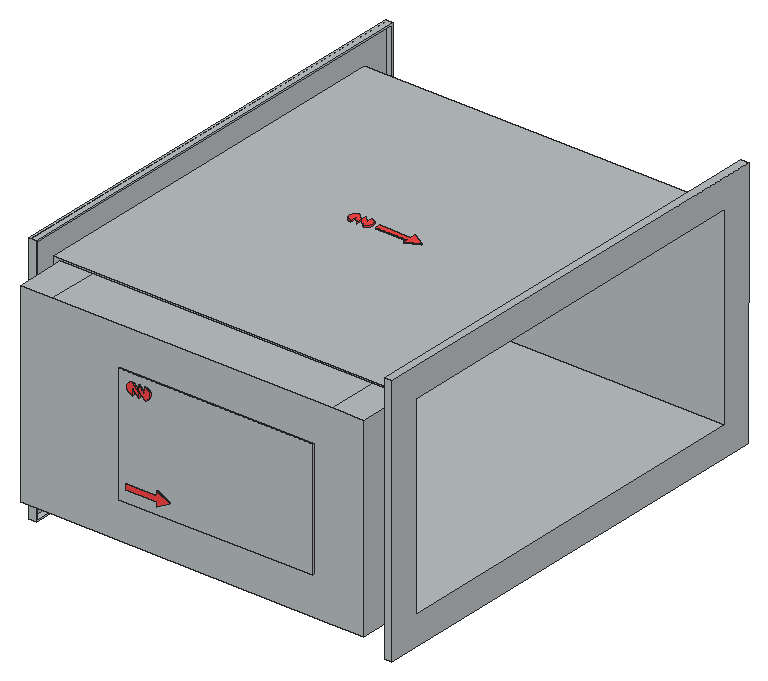
Revit family "NLRS_57_DUA_UN_rectangular-constant-volume-damper-vcmr_sacs", category Duct Accessories, Revit 2019
Family settings
  Round Connector Dimension = Use Diameter
  Part Type = Breaks Into
  Work Plane-Based = No
  Always vertical = No
  Cut with Voids When Loaded = No
  Shared = No
Parameters (values of type "Enkelwandig (SO)")
  SACS_Warning_Text_Size [instance] = if(SACS_Warning_Size, "Invalid duct size. Nearest (larger) size selected", " ")  # " "
  SACS_Warning_Text_Ploss [instance] = if(SACS_Warning_Ploss, "Defined ▲P below required value", " ")  # " "
  SACS_Warning_Text_Flow [instance] = if(SACS_Warning_Flow, "Airflow below advised 4m/s", " ")  # "Airflow below advised 4m/s"
  SACS_Warning_Size [instance] = or(not(SACS_Duct_Width = NLRS_M_c01_breedte), not(SACS_Duct_Height = NLRS_M_c01_hoogte))  # no
  SACS_Warning_Sign [instance] = and(SACS_Air_Velocity > 0.0 m/s, not(SACS_Disable_Warning), or(SACS_Warning_Ploss, SACS_Warning_Flow, SACS_Warning_Size))  # no
  SACS_Warning_Ploss [instance] = Minimal required ▲P over damper > NLRS_M_c01_drukverlies_statisch  # no
  SACS_Warning_Flow [instance] = SACS_Air_Velocity < Advised minimal air velocity  # yes
  SACS_Show_Control [instance] = SACS_Index1 > 0.00 mm  # no
  SACS_Gross_Cost [instance] = size_lookup(Product_Data, "Product_Cost", 0, SACS_Index1, SACS_Index2, SACS_Duct_Width, SACS_Duct_Height)  # 243
  SACS_Disable_Warning [instance] = no
  Product_Data = "VCMR_Data"  # constant formula
  URL = "https://solid-air.nl/pcategorie/volumeregelaar/"
  Show_recommended_placement_zone [instance] = yes
  SACS_Z_Offset = if(SACS_Index2 = 1.00 mm, 40.00 mm, 1.00 mm)  # 1.00 mm
  SACS_Type_Toggle = SACS_Index2 = 1.00 mm  # no
  SACS_Real_Width [instance] = SACS_Duct_Width / 2  # 200.00 mm
  SACS_Real_Height [instance] = SACS_Duct_Height / 2  # 100.00 mm
  SACS_Price_Date [instance] = size_lookup(Product_Data, "Date", "NB", SACS_Index1, SACS_Index2, SACS_Duct_Width, SACS_Duct_Height)  # "01-02-2022"
  SACS_Option_2 [instance] = if(SACS_Index2 = 1.00 mm, "Double wall", "Single wall")  # "Single wall"
  SACS_Option_1 [instance] = if([Control type (0-2)] < 1, "Manual", if([Control type (0-2)] = 1, "24 volt, 2positions", "230 volt, 2positions"))  # "Manual"
  SACS_Model [instance] = size_lookup(Product_Data, "Model", "NB", SACS_Index1, SACS_Index2, SACS_Duct_Width, SACS_Duct_Height)  # "VCMROO 400x200"
  SACS_Length_X2 [instance] = 2 * SACS_Duct_Height  # 400.00 mm
  SACS_Length_X [instance] = 4 * SACS_Duct_Height  # 800.00 mm
  SACS_Index2 = 0.00 mm
  SACS_Index1 [instance] = if([Control type (0-2)] < 1, 0.00 mm, if([Control type (0-2)] = 1, 1.00 mm, 2.00 mm))  # 0.00 mm
  SACS_Duct_Width [instance] = if(and(SACS_Duct_Height < 200.00 mm, NLRS_M_c01_breedte > 300.00 mm), 300.00 mm, if(and(SACS_Duct_Height > 200.00 mm, NLRS_M_c01_breedte < 300.00 mm), 300.00 mm, if(NLRS_M_c01_breedte < 200.00 mm, 200.00 mm, if(NLRS_M_c01_breedte > 600.00 mm, 600.00 mm, (roundup(NLRS_M_c01_breedte / 100.00 mm) * 100.00 mm)))))  # 400.00 mm
  SACS_Duct_Height [instance] = if(NLRS_M_c01_hoogte > 250.00 mm, 300.00 mm, if(NLRS_M_c01_hoogte > 200.00 mm, 250.00 mm, if(NLRS_M_c01_hoogte > 150.00 mm, 200.00 mm, if(NLRS_M_c01_hoogte > 100.00 mm, 150.00 mm, 100.00 mm))))  # 200.00 mm
  SACS_Article_Code [instance] = size_lookup(Product_Data, "", "NB", SACS_Index1, SACS_Index2, SACS_Duct_Width, SACS_Duct_Height)  # "9200000081"
  SACS_Air_Velocity [instance] = NLRS_M_c01_debiet / (SACS_Real_Width * SACS_Real_Height * 4)  # 0.0 m/s
  NLRS_M_c01_hoogte [instance] = 200.00 mm
  Minimal required ▲P over damper [instance] = if(SACS_Air_Velocity < 8.0 m/s, 50.0 Pa, if(SACS_Air_Velocity < 10.0 m/s, 75.0 Pa, 100.0 Pa))  # 50.0 Pa
  SACS_Type_Mark [instance] = ""
  NLRS_M_c01_drukverlies_statisch [instance] = 50.0 Pa
  NLRS_M_c01_breedte [instance] = 400.00 mm
  LoadBearing = 1 = 0  # no
  IfcExportType = "CONTROLDAMPER"  # constant formula
  IfcExportAs = "IfcDamperType"  # constant formula
  IfcDescription = Description  # "Rectangular Volume Damper VCMR"
  FireRating = "0h"  # constant formula
  built-in parameter 1114242 [instance] = (empty or 0)
  Type Comments = "Check flow direction!"  # constant formula
  SACS_Dummy = 1  # constant formula
  SACS_Air_Flow [instance] = 0.0 m³/h
  NLRS_M_c01_debiet [instance] = abs(SACS_Air_Flow) * SACS_Dummy  # 0.0 m³/h
  NLRS_C_lengte [instance] = size_lookup(Product_Data, "Lengte", 300.00 mm, SACS_Index1, SACS_Index2, SACS_Duct_Width, SACS_Duct_Height)  # 375.00 mm
  Control type (0-2) [instance] = 0
  NLRS_C_niveau ontwikkeling = "LOD400"  # constant formula
  NLRS_C_model [instance] = SACS_Model  # "VCMROO 400x200"
  NLRS_C_description = Description  # "Rectangular Volume Damper VCMR"
  NLRS_C_content_versie = "Versie 3.19.00"  # constant formula
  NLRS_C_content_provider = "Solid Air Climate Systems"  # constant formula
  NLRS_C_content_datum_uitgifte = "02-05-2022"  # constant formula
  NLRS_C_content_creator = "J. Feeke"  # constant formula
  Model = "Constant volume damper - Rectangular"  # constant formula
  Manufacturer = "Solid Air Climate Solutions"  # constant formula
  Description = "Rectangular Volume Damper VCMR"  # constant formula
  Assembly Code = "57.00"
  Advised minimal air velocity [instance] = 4.0 m/s * SACS_Dummy  # 4.0 m/s
Types (3, lengths in mm): name | SACS_Show_Control | SACS_Gross_Cost | SACS_Disable_Warning | SACS_Z_Offset | SACS_Type_Toggle | SACS_Option_2 | SACS_Option_1 | SACS_Model | SACS_Index2 | SACS_Index1 | SACS_Article_Code | Control type (0-2) | NLRS_C_model
  (no name) | no | 243 | no | 1.00 | no | "Single wall" | "Manual" | "VCMROO 400x200" | 0.00 | 0.00 | "9200000081" | 0 | "VCMROO 400x200"
  Dubbelwandig  (SD) | yes | 590 | yes | 40.00 | yes | "Double wall" | "24 volt, 2positions" | "VCMRMD 400x200 LM24A" | 1.00 | 1.00 | "9200000727" | 1 | "VCMRMD 400x200 LM24A"
  Enkelwandig (SO) | no | 243 | no | 1.00 | no | "Single wall" | "Manual" | "VCMROO 400x200" | 0.00 | 0.00 | "9200000081" | 0 | "VCMROO 400x200"
Reference planes
  plane 1 "Center (Front/Back)": y = 0
  plane 2: z = 0
  plane 3 "Center (Left/Right)": x = 0
  plane 4 "Left": x = -187.5
  plane 5 "Back": y = 200
  plane 6 "Front": y = -200
  plane 7 "Top": z = 100
  plane 8 "Bottom": z = -100
  plane 9 "Back_Double_Wall": y = 245
  plane 10 "Front_Double_Wall": y = -245
  plane 11 "Top_Double_Wall": z = 101
  plane 12 "Bottom_Double_Wall": z = -101
  plane 13 "Double_Wall_Left": x = -177.5
  plane 14 "As": x = -87.5
  plane 15: x = -987.5
  plane 16 "Double_Wall_Right": x = 177.5
  plane 17: x = 587.5
  plane 18 "Right": x = 187.5
  plane 19: x = -438.054
Forms (mm)
  Extrusion 1, solid, not visible
    sketch origin (0, 0, 0) x (0, 1, 0) y (0, 0, 1)
      loop
        circle (0, 0) r 5
    from -187.5 to 187.5
  Sweep 2, solid, material "NLRS_A_SACS_SVZ", detail levels medium+fine
    path in 3D
      loop
        line (-187.5, -200, 100) -> (-187.5, -200, -100) -> (-187.5, 200, -100) -> (-187.5, 200, 100) -> (-187.5, -200, 100)
    profile "casing : Kanaal" origin (-187.5, 0, 100) x (0, 0, -1) y (1, 0, 0)
      loop
        line (0, 375) -> (-30, 375) -> (-30, 367.5) -> (-29, 367.5) -> (-29, 374) -> (-1, 374) -> (-1, 1) -> (-29, 1) -> (-29, 7.5) -> (-30, 7.5) -> (-30, 0) -> (0, 0) -> (0, 375)
  Sweep 3, solid, material "NLRS_A_SACS_SVZ", visible <- "SACS_Type_Toggle"
    path in 3D
      loop
        line (-177.5, -245, 101) -> (-177.5, -245, -101) -> (-177.5, 245, -101) -> (-177.5, 245, 101) -> (-177.5, -245, 101)
    profile origin (-177.5, 0, 101) x (0, 0, -1) y (1, 0, 0)
      loop
        line (39, 0) -> (39, 1) -> (1, 1) -> (1, 354) -> (39, 354) -> (39, 355) -> (0, 355) -> (0, 0) -> (39, 0)
  Extrusion 4, solid, material "NLRS_A_SACS_SVZ", detail levels medium+fine
    sketch origin (0, 0, 0) x (1, 0, 0) y (0, 1, 0)
      loop
        line (-187.5, 200) -> (-187.5, -200) -> (12.5, -200) -> (12.5, 200) -> (-187.5, 200)
    from -0.5 to 0.5
  Extrusion 5, solid, material "NLRS_A_SACS_SVZ", detail levels medium+fine
    sketch origin (0, 0, 0) x (1, 0, 0) y (0, 0, 1)
      loop
        circle (-87.5, 0) r 5
    from -205 to 205
  Extrusion 6, solid, material "SACS_Label", detail levels medium+fine
    sketch origin (710.763, 0, 101) x (0, 1, 0) y (-1, 0, 0)
      loop
        arc (6, 745.244) -> (0, 751.244) -> (-6, 745.244) r 6
        line (-6, 745.244) -> (0, 745.244) -> (-6, 739.244) -> (0, 739.244) -> (6, 745.244)
    from 0 to 1
  Extrusion 7, solid, material "SACS_Label", detail levels medium+fine
    sketch origin (710.763, 0, 101) x (0, 1, 0) y (-1, 0, 0)
      loop
        arc (-6, 733.244) -> (0, 727.244) -> (6, 733.244) r 6
        line (6, 733.244) -> (0, 733.244) -> (6, 739.244) -> (0, 739.244) -> (-6, 733.244)
    from 0 to 1
  Extrusion 8, solid, material "SACS_Label", detail levels medium+fine
    sketch origin (710.763, 0, 101) x (0, 1, 0) y (-1, 0, 0)
      loop
        line (-2.5, 721.699) -> (-2.5, 689.664) -> (-7.5, 689.664) -> (0, 676.673) -> (7.5, 689.664) -> (2.5, 689.664) -> (2.5, 721.699) -> (-2.5, 721.699)
    from 1 to 0
  Extrusion 9, solid, material "SACS_Label", not visible, detail levels medium+fine
    sketch origin (21.946, 0, -190) x (0, 1, 0) y (-1, 0, 0)
      loop
        arc (6, 494.481) -> (0, 500.481) -> (-6, 494.481) r 6
        line (-6, 494.481) -> (0, 494.481) -> (-6, 488.481) -> (0, 488.481) -> (6, 494.481)
    from 0 to 1
  Extrusion 10, solid, material "SACS_Label", not visible, detail levels medium+fine
    sketch origin (21.946, 0, -190) x (0, 1, 0) y (-1, 0, 0)
      loop
        arc (-6, 482.481) -> (0, 476.481) -> (6, 482.481) r 6
        line (6, 482.481) -> (0, 482.481) -> (6, 488.481) -> (0, 488.481) -> (-6, 482.481)
    from 0 to 1
  Extrusion 11, solid, material "SACS_Label", not visible, detail levels medium+fine
    sketch origin (21.946, 0, -190) x (0, 1, 0) y (-1, 0, 0)
      loop
        line (-2.5, 470.936) -> (-2.5, 438.901) -> (-7.5, 438.901) -> (0, 425.911) -> (7.5, 438.901) -> (2.5, 438.901) -> (2.5, 470.936) -> (-2.5, 470.936)
    from 1 to 0
  Extrusion 12, solid, material "SACS_Label", detail levels medium+fine
    sketch origin (460, 0, -101) x (0, 1, 0) y (-1, 0, 0)
      loop
        arc (6, 494.481) -> (0, 500.481) -> (-6, 494.481) r 6
        line (-6, 494.481) -> (0, 494.481) -> (-6, 488.481) -> (0, 488.481) -> (6, 494.481)
    from -1 to 0
  Extrusion 13, solid, material "SACS_Label", detail levels medium+fine
    sketch origin (460, 0, -101) x (0, 1, 0) y (-1, 0, 0)
      loop
        arc (-6, 482.481) -> (0, 476.481) -> (6, 482.481) r 6
        line (6, 482.481) -> (0, 482.481) -> (6, 488.481) -> (0, 488.481) -> (-6, 482.481)
    from -1 to 0
  Extrusion 14, solid, material "SACS_Label", detail levels medium+fine
    sketch origin (460, 0, -101) x (0, 1, 0) y (-1, 0, 0)
      loop
        line (-2.5, 470.936) -> (-2.5, 438.901) -> (-7.5, 438.901) -> (0, 425.911) -> (7.5, 438.901) -> (2.5, 438.901) -> (2.5, 470.936) -> (-2.5, 470.936)
    from -1 to 0
Lines and regions (mm)
  model lines, detail levels coarse
    curve 1: line (-187.5, 0, 0) -> (187.5, 0, 0)
  model lines, not visible
    curve 2: line (-187.5, 200, 100) -> (-187.5, -200, 100)
    curve 3: line (-187.5, 200, -100) -> (-187.5, 200, 100)
    curve 4: line (-187.5, -200, -100) -> (-187.5, 200, -100)
    curve 5: line (-187.5, -200, 100) -> (-187.5, -200, -100)
    curve 10: line (-177.5, 245, 101) -> (-177.5, -245, 101)
    curve 11: line (-177.5, 245, -101) -> (-177.5, 245, 101)
    curve 12: line (-177.5, -245, -101) -> (-177.5, 245, -101)
    curve 13: line (-177.5, -245, 101) -> (-177.5, -245, -101)
  sketch lines
    curve 6: line (-187.5, 200, 100) -> (-187.5, -200, 100)
    curve 7: line (-187.5, -200, 100) -> (-187.5, -200, -100)
    curve 8: line (-187.5, -200, -100) -> (-187.5, 200, -100)
    curve 9: line (-187.5, 200, -100) -> (-187.5, 200, 100)
    curve 17: line (-177.5, 245, 101) -> (-177.5, -245, 101)
    curve 18: line (-177.5, 245, -101) -> (-177.5, 245, 101)
    curve 19: line (-177.5, -245, -101) -> (-177.5, 245, -101)
    curve 20: line (-177.5, -245, 101) -> (-177.5, -245, -101)
  model lines, style "Placement Zone", visible <- "Show_recommended_placement_zone"
    curve 14: line (-187.5, 200, 0) -> (-987.5, 200, 0)
    curve 15: line (-987.5, 200, 0) -> (-987.5, -200, 0)
    curve 16: line (-987.5, -200, 0) -> (-187.5, -200, 0)
    curve 21: line (187.5, 200, 0) -> (587.5, 200, 0)
    curve 22: line (587.5, 200, 0) -> (587.5, -200, 0)
    curve 23: line (587.5, -200, 0) -> (187.5, -200, 0)
  symbolic lines, style "DuctAccessory", detail levels coarse
    curve 24: circle (0, 0, 0) r 10 normal (0, 0, 1)
    curve 25: line (0, 0, 0) -> (10.607, 10.607, 0)
    curve 26: line (0, 0, 0) -> (-10.607, -10.607, 0)
Dimensions and locks
  "SACS_Real_Height": plane 7 "Top" to level
  "SACS_Real_Height": level to plane 8 "Bottom"
  "SACS_Real_Width": plane 5 "Back" to plane 1 "Center (Front/Back)"
  "SACS_Real_Width": plane 1 "Center (Front/Back)" to plane 6 "Front"
  "SACS_Z_Offset": plane 8 "Bottom" to plane 12 "Bottom_Double_Wall"
  "SACS_Z_Offset": plane 11 "Top_Double_Wall" to plane 7 "Top"
  locked: plane 5 "Back" to plane 9 "Back_Double_Wall" at 45
  locked: plane 10 "Front_Double_Wall" to plane 6 "Front" at 45
  locked: plane 4 "Left" to plane 13 "Double_Wall_Left" at 10
  locked: plane 16 "Double_Wall_Right" to Sweep 3 sketch curve at 1
  locked: plane 11 "Top_Double_Wall" to Sweep 3 sketch curve at 1
  locked: plane 13 "Double_Wall_Left" to Sweep 3 sketch curve at 1
  equal spacing: Extrusion 4 sketch curve, plane 14 "As", Extrusion 4 sketch curve
  "SACS_Duct_Height": Extrusion 4 sketch curve to Extrusion 4 sketch curve
  equal spacing: Extrusion 4 sketch curve, plane 1 "Center (Front/Back)", Extrusion 4 sketch curve
  "SACS_Duct_Width": Extrusion 4 sketch curve to Extrusion 4 sketch curve
  locked: Extrusion 5 to plane 6 "Front" at 5
  locked: Extrusion 5 to plane 5 "Back" at 5
  equal spacing: plane 4 "Left", plane 3 "Center (Left/Right)", plane 18 "Right"
  locked: plane 16 "Double_Wall_Right" to plane 18 "Right" at 10
  "NLRS_C_lengte": plane 4 "Left" to plane 18 "Right"
  "SACS_Real_Height": plane 4 "Left" to plane 14 "As"
  "SACS_Length_X": plane 15 to plane 4 "Left"
  "SACS_Length_X2": plane 18 "Right" to plane 17
  diameter of Extrusion 1 sketch curve = 10.00 mm
  aligned and locked: level to plane 2
  aligned and locked: Extrusion 1 to plane 4 "Left"
  aligned and locked: curve 2 to plane 7 "Top"
  aligned and locked: plane 5 "Back" to curve 3
  aligned and locked: plane 8 "Bottom" to curve 4
  aligned and locked: curve 5 to plane 6 "Front"
  aligned and locked: curve 10 to plane 11 "Top_Double_Wall"
  aligned and locked: plane 9 "Back_Double_Wall" to curve 11
  aligned and locked: plane 12 "Bottom_Double_Wall" to curve 12
  aligned and locked: curve 13 to plane 10 "Front_Double_Wall"
  aligned and locked: curve 14 to plane 5 "Back"
  aligned and locked: curve 15 to plane 15
  aligned and locked: curve 16 to plane 6 "Front"
  aligned and locked: plane 4 "Left" to curve 14
  aligned and locked: plane 4 "Left" to curve 16
  aligned and locked: Sweep 3 sketch curve to plane 16 "Double_Wall_Right"
  aligned and locked: Sweep 3 sketch curve to plane 11 "Top_Double_Wall"
  aligned and locked: plane 14 "As" to nested 1
  aligned and locked: plane 5 "Back" to curve 21
  aligned and locked: curve 22 to plane 17
  aligned and locked: curve 23 to plane 6 "Front"
  aligned and locked: plane 18 "Right" to Extrusion 1
  aligned and locked: plane 18 "Right" to curve 1
  aligned and locked: plane 4 "Left" to curve 1
Automatic sketch dimensions
  Extrusion 1 sketch curve to level = 0.00 mm
  Extrusion 1 sketch curve to plane 1 "Center (Front/Back)" = 0.00 mm
  Sweep 3 sketch curve to profile plane = 0.00 mm
  Sweep 3 sketch curve to Sweep 3 sketch curve = 38.00 mm  (x2)
  Extrusion 5 sketch curve to level = 0.00 mm
  Extrusion 5 sketch curve to plane 14 "As" = 0.00 mm
  Extrusion 6 sketch curve to Extrusion 6 sketch curve = 0.00 mm  (x2)
  Extrusion 6 sketch curve to Extrusion 6 sketch curve = 6.00 mm  (x3)
  Extrusion 7 sketch curve to Extrusion 7 sketch curve = 6.00 mm  (x2)
  Extrusion 7 sketch curve to Extrusion 7 sketch curve = 0.00 mm  (x3)
  Extrusion 8 sketch curve to Extrusion 8 sketch curve = 5.00 mm  (x3)
  Extrusion 8 sketch curve to Extrusion 8 sketch curve = 2.50 mm
  plane 1 "Center (Front/Back)" to Extrusion 6 sketch curve = 0.00 mm
  plane 1 "Center (Front/Back)" to Extrusion 7 sketch curve = 0.00 mm
  plane 1 "Center (Front/Back)" to Extrusion 8 sketch curve = 0.00 mm
  Extrusion 6 sketch curve to plane 3 "Center (Left/Right)" = 28.481 mm
  Extrusion 7 sketch curve to plane 3 "Center (Left/Right)" = 22.481 mm
  plane 3 "Center (Left/Right)" to Extrusion 8 sketch curve = 34.089 mm
  Extrusion 8 sketch curve to Extrusion 8 sketch curve = 12.99 mm
  Extrusion 8 sketch curve to Extrusion 8 sketch curve = 0.00 mm
  Extrusion 8 sketch curve to plane 3 "Center (Left/Right)" = 10.936 mm
  Extrusion 12 sketch curve to Extrusion 12 sketch curve = 0.00 mm  (x2)
  Extrusion 12 sketch curve to Extrusion 12 sketch curve = 6.00 mm  (x3)
  Extrusion 13 sketch curve to Extrusion 13 sketch curve = 6.00 mm  (x2)
  Extrusion 13 sketch curve to Extrusion 13 sketch curve = 0.00 mm  (x3)
  Extrusion 14 sketch curve to Extrusion 14 sketch curve = 5.00 mm  (x3)
  Extrusion 14 sketch curve to Extrusion 14 sketch curve = 2.50 mm
  Extrusion 9 sketch curve to plane 19 = 28.481 mm
  Extrusion 9 sketch curve to Extrusion 9 sketch curve = 0.00 mm  (x2)
  Extrusion 9 sketch curve to plane 19 = 34.481 mm
  Extrusion 9 sketch curve to Extrusion 9 sketch curve = 6.00 mm  (x2)
  Extrusion 10 sketch curve to plane 19 = 22.481 mm
  Extrusion 10 sketch curve to plane 19 = 28.481 mm
  Extrusion 10 sketch curve to Extrusion 10 sketch curve = 6.00 mm
  Extrusion 10 sketch curve to Extrusion 10 sketch curve = 0.00 mm  (x3)
  plane 19 to Extrusion 11 sketch curve = 21.099 mm  (x2)
  Extrusion 11 sketch curve to Extrusion 11 sketch curve = 5.00 mm  (x3)
  plane 19 to Extrusion 11 sketch curve = 34.089 mm
  Extrusion 11 sketch curve to Extrusion 11 sketch curve = 2.50 mm
  Extrusion 11 sketch curve to plane 19 = 10.936 mm
  plane 1 "Center (Front/Back)" to Extrusion 12 sketch curve = 0.00 mm
  plane 1 "Center (Front/Back)" to Extrusion 13 sketch curve = 0.00 mm
  plane 1 "Center (Front/Back)" to Extrusion 14 sketch curve = 0.00 mm
  Extrusion 12 sketch curve to plane 3 "Center (Left/Right)" = 28.481 mm
  Extrusion 13 sketch curve to plane 3 "Center (Left/Right)" = 22.481 mm
  plane 3 "Center (Left/Right)" to Extrusion 14 sketch curve = 34.089 mm
  Extrusion 14 sketch curve to Extrusion 14 sketch curve = 12.99 mm
  Extrusion 14 sketch curve to Extrusion 14 sketch curve = 0.00 mm
  Extrusion 14 sketch curve to plane 3 "Center (Left/Right)" = 10.936 mm
  plane 1 "Center (Front/Back)" to curve 1 = 0.00 mm
  plane 1 "Center (Front/Back)" to curve 25 = 0.00 mm
  curve 25 to plane 3 "Center (Left/Right)" = 0.00 mm
  plane 1 "Center (Front/Back)" to curve 24 = 0.00 mm
  curve 24 to plane 3 "Center (Left/Right)" = 0.00 mm
  curve 23 to plane 18 "Right" = 0.00 mm
  curve 21 to plane 18 "Right" = 0.00 mm
  curve 26 to plane 3 "Center (Left/Right)" = 10.607 mm
  plane 3 "Center (Left/Right)" to curve 25 = 10.607 mm
  plane 1 "Center (Front/Back)" to curve 26 = 10.607 mm
  curve 25 to plane 1 "Center (Front/Back)" = 10.607 mm
  radius of Extrusion 5 sketch curve = 5.00 mm
  radius of curve 24 = 10.00 mm
Nested families
  nested 1: "bediening_rect" at (25.5, 0, 0), type "bediening_rect", detail levels medium+fine
    with a1 61.00 mm, O1 113.00 mm, L 375.00 mm, Half_W 200.00 mm, Half_H 100.00 mm, H2 200.00 mm, H1 200.00 mm, H 200.00 mm, Belimo no
  nested 2: "Warning" at (0, 0, 100), visible <- "SACS_Warning_Sign", type "Warning", detail levels medium+fine
Connectors
  hvac at (187.5, 0, 0), driven by "SACS_Air_Flow", driven by "NLRS_M_c01_hoogte", driven by "NLRS_M_c01_breedte"
    settings: on Extrusion 1, index 1, duct flow 0.0 m³/h, flow factor 0, pres drop 0.0 Pa, loss coef 0, conn angle 0.00°, conn width 400 mm, conn height 200 mm, conn diameter 400 mm, duct sys type 29, conn prof type 1, flow config 0, flow direction 2, loss method 4, conn ref index 2, conn util no, is conn primary no, conn desc "Air out"
  hvac at (-187.5, 0, 0), driven by "SACS_Air_Flow", driven by "NLRS_M_c01_hoogte", driven by "NLRS_M_c01_breedte", driven by "NLRS_M_c01_drukverlies_statisch"
    settings: on Extrusion 1, index 2, duct flow 0.0 m³/h, flow factor 0, pres drop 50.0 Pa, loss coef 0, conn angle 0.00°, conn width 400 mm, conn height 200 mm, conn diameter 400 mm, duct sys type 29, conn prof type 1, flow config 0, flow direction 1, loss method 4, conn ref index 1, conn util no, is conn primary yes, conn desc "Air in"
Definition of nested family "bediening_rect"
  Parameters (values of type "bediening_rect")
    material = none
    a1 = 70.00 mm
    O1 = if(L = 300.00 mm, 110.00 mm, (if(L = 325.00 mm, 102.00 mm, if(L = 350.00 mm, 95.00 mm, if(L = 375.00 mm, 113.00 mm, if(L = 400.00 mm, 106.00 mm, if(L = 425.00 mm, 149.00 mm, if(L = 450.00 mm, 142.00 mm, if(H = 250.00 mm, 177.00 mm, 152.00 mm)))))))))  # 110.00 mm
    Half_W = 100.00 mm
    L = 300.00 mm
    Half_H = H / 2  # 50.00 mm
    H2 = if(H = 150.00 mm, 165.00 mm, H)  # 100.00 mm
    Control_L = 100.00 mm
    H1 = if(or(H = 100.00 mm, H = 150.00 mm), 165.00 mm, H)  # 165.00 mm
    H = 100.00 mm
    Belimo = yes
  Reference planes
    plane 1 "Center (Front/Back)": y = 0
    plane 2: z = 0
    plane 3 "Center (Left/Right)": x = 0
    plane 4: y = -100
    plane 5 "Front": y = -155
    plane 6: z = 70
    plane 7: z = -70
    plane 8: x = -100
    plane 9: x = 100
    plane 10: x = -110
    plane 11: y = -154
    plane 12: z = 82.5
    plane 13: z = -82.5
    plane 14: x = -160
    plane 15: x = -150
    plane 16: x = 130
    plane 17: x = 140
    plane 18: z = -6
    plane 19: z = 50
    plane 20: z = -50
    plane 21: x = -117.5
    plane 22: x = 97.5
  Forms (mm)
    Extrusion 1, solid, material <- "material"
      sketch origin (0, 0, 0) x (0, 1, 0) y (0, 0, 1)
        loop
          line (-155, 70) -> (-155, -70) -> (-100, -70) -> (-100, 70) -> (-155, 70)
      from -100 to 100
    Extrusion 2, solid
      sketch origin (-124.372, -155, -23.231) x (0, 0, 1) y (-1, 0, 0)
        loop
          arc (73, -51.186) -> (79, -57.186) -> (85, -51.186) r 6
          line (85, -51.186) -> (79, -51.186) -> (85, -45.186) -> (79, -45.186) -> (73, -51.186)
      from 0 to 1
    Extrusion 3, solid
      sketch origin (-124.372, -155, -23.231) x (0, 0, 1) y (-1, 0, 0)
        loop
          arc (85, -39.186) -> (79, -33.186) -> (73, -39.186) r 6
          line (73, -39.186) -> (79, -39.186) -> (73, -45.186) -> (79, -45.186) -> (85, -39.186)
      from 0 to 1
    Extrusion 4, solid
      sketch origin (-1.715, -155, 5.941) x (0, 0, -1) y (1, 0, 0)
        loop
          line (63.498, -90.57) -> (63.498, -58.535) -> (68.498, -58.535) -> (60.998, -45.545) -> (53.498, -58.535) -> (58.498, -58.535) -> (58.498, -90.57) -> (63.498, -90.57)
      from 0 to 1
    Extrusion 5, solid, visible <- "Belimo"
      sketch origin (198.403, -155, 67.643) x (0, 0, 1) y (-1, 0, 0)
        loop
          line (-63.373, 242.527) -> (-129.373, 242.527) -> (-129.373, 126.527) -> (-63.373, 126.527) -> (-63.373, 242.527)
      from 0 to 16
    Extrusion 6, solid, visible <- "Belimo"
      sketch origin (198.403, -155, 67.643) x (0, 0, 1) y (-1, 0, 0)
        loop
          line (-63.373, 242.527) -> (-129.373, 242.527) -> (-129.373, 166.527) -> (-63.373, 166.527) -> (-63.373, 242.527)
      from 16 to 59.5
    Extrusion 7, solid, visible <- "Belimo"
      sketch origin (195.903, -155, 67.643) x (0, 0, 1) y (-1, 0, 0)
        loop
          circle (-96.378, 146.231) r 17.5
      from 16 to 47
    Extrusion 8, solid, visible <- "Belimo"
      sketch origin (-44.124, -155, -61.73) x (0, 0, 1) y (0, 1, 0)
        loop
          circle (45.147, -41.684) r 6
      from 0 to 41
    Extrusion 9, solid, visible <- "Belimo"
      sketch origin (-44.124, -155, -61.73) x (0, 0, 1) y (0, 1, 0)
        loop
          line (56.469, -26.82) -> (33.01, -26.82) -> (33.01, -59.82) -> (56.469, -59.82) -> (56.469, -26.82)
      from -19 to 8
    Extrusion 10, solid, visible <- "Belimo", not visible
      sketch origin (189.403, -155, 76.638) x (0, 0, 1) y (-1, 0, 0)
        loop
          line (-63.373, 242.527) -> (-129.373, 242.527) -> (-129.373, 126.527) -> (-63.373, 126.527) -> (-63.373, 242.527)
      from 0 to 16
    Extrusion 11, solid, visible <- "Belimo", not visible
      sketch origin (189.403, -155, 76.638) x (0, 0, 1) y (-1, 0, 0)
        loop
          line (-63.373, 242.527) -> (-129.373, 242.527) -> (-129.373, 166.527) -> (-63.373, 166.527) -> (-63.373, 242.527)
      from 16 to 59.5
    Extrusion 12, solid, visible <- "Belimo", not visible
      sketch origin (186.903, -155, 76.638) x (0, 0, 1) y (-1, 0, 0)
        loop
          circle (-96.378, 146.231) r 17.5
      from 16 to 47
    Extrusion 13, solid, visible <- "Belimo", not visible
      sketch origin (-53.124, -155, -52.735) x (0, 0, 1) y (0, 1, 0)
        loop
          circle (45.147, -41.684) r 6
      from 0 to 41
    Extrusion 14, solid, visible <- "Belimo", not visible
      sketch origin (-53.124, -155, -52.735) x (0, 0, 1) y (0, 1, 0)
        loop
          line (56.469, -26.82) -> (33.01, -26.82) -> (33.01, -59.82) -> (56.469, -59.82) -> (56.469, -26.82)
      from -19 to 8
    Extrusion 15, solid
      sketch origin (0, -155, 0) x (0, 0, 1) y (-1, 0, 0)
        loop
          line (82.5, 117.5) -> (50, 150) -> (-50, 150) -> (-82.5, 117.5) -> (-82.5, -97.5) -> (-50, -130) -> (50, -130) -> (82.5, -97.5) -> (82.5, 117.5)
      from -55 to -1
  Cuts and joins
    joined: Extrusion 5, Extrusion 6
    joined: Extrusion 8, Extrusion 9
  Lines and regions (mm)
    model lines
      curve 1: arc (20.234, -155, -23.134) -> (77.315, -155, -40.519) -> (25.112, -155, -11.618) r 30
      curve 2: line (14.704, -155, -10.938) -> (52.232, -155, -13.389)
      curve 3: arc (14.704, -155, -10.938) -> (12.934, -155, -11.378) -> (11.744, -155, -12.762) r 3.003
      curve 4: arc (39.224, -155, -40.263) -> (63.676, -155, -35.513) -> (52.232, -155, -13.389) r 15.558
      curve 5: line (12.497, -155, -16.154) -> (39.224, -155, -40.263)
      curve 6: arc (12.497, -155, -16.154) -> (11.578, -155, -14.578) -> (11.744, -155, -12.762) r 2.996
      curve 7: line (3.709, -155, -17.402) -> (17.765, -155, -20.906)
      curve 8: line (4.871, -155, -13.439) -> (12.336, -155, -16.009)
      curve 9: line (6.375, -155, -9.592) -> (12.1, -155, -12.141)
      curve 10: line (8.208, -155, -5.891) -> (17.661, -155, -11.132)
      curve 11: line (10.357, -155, -2.365) -> (23.965, -155, -11.543)
      curve 12: line (12.805, -155, 0.962) -> (26.333, -155, -9.993)
      curve 13: line (15.533, -155, 4.062) -> (28.058, -155, -8.033)
      curve 14: line (18.522, -155, 6.913) -> (29.947, -155, -6.231)
      curve 15: line (21.747, -155, 9.492) -> (31.986, -155, -4.601)
      curve 16: line (25.185, -155, 11.78) -> (34.158, -155, -3.153)
      curve 17: line (28.809, -155, 13.76) -> (36.448, -155, -1.9)
      curve 18: line (32.592, -155, 15.417) -> (38.837, -155, -0.851)
      curve 19: line (36.506, -155, 16.738) -> (41.309, -155, -0.014)
      curve 20: line (40.519, -155, 17.712) -> (43.844, -155, 0.606)
      curve 21: line (44.602, -155, 18.333) -> (46.423, -155, 1.003)
      curve 22: line (48.723, -155, 18.596) -> (49.028, -155, 1.174)
      curve 23: line (52.852, -155, 18.499) -> (51.637, -155, 1.118)
      curve 24: line (56.957, -155, 18.042) -> (54.232, -155, 0.835)
      curve 25: line (61.006, -155, 17.229) -> (56.792, -155, 0.328)
      curve 26: line (64.969, -155, 16.066) -> (59.299, -155, -0.399)
  Dimensions and locks
    locked: plane 5 "Front" to plane 4 at 55
    "Half_W": plane 1 "Center (Front/Back)" to plane 4
    "a1": plane 6 to plane 2 to plane 7
    "Control_L": plane 8 to plane 3 "Center (Left/Right)" to plane 9
    locked: plane 11 to plane 4 at 54
    equal spacing: plane 13, plane 2, plane 12
    "H1": plane 13 to plane 12
    "O1": plane 10 to plane 3 "Center (Left/Right)"
    "Half_H": plane 14 to plane 10
    locked: plane 14 to plane 15 at 10
    locked: plane 17 to plane 16 at 10
    "L": plane 14 to plane 17
    locked: plane 2 to plane 18 at 6
    plane 12 to plane 13 = 165.00 mm
    plane 17 to plane 14 = 300.00 mm
    equal spacing: plane 19, plane 2, plane 20
    "H2": plane 19 to plane 20
    locked: plane 21 to plane 15 at 32.5
    locked: plane 16 to plane 22 at 32.5
    aligned and locked: level to plane 2
    aligned and locked: Extrusion 1 to plane 8
    aligned and locked: plane 9 to Extrusion 1
    aligned and locked: cut or joined group of Extrusion 5, Extrusion 6 to cut or joined group of Extrusion 5, Extrusion 6  (x4)
    aligned and locked: Extrusion 1 sketch curve to plane 4
    aligned and locked: Extrusion 15 to plane 4
    aligned and locked: plane 11 to Extrusion 15
  Automatic sketch dimensions
    Extrusion 1 to Extrusion 2 sketch curve = 20.231 mm
    Extrusion 2 sketch curve to Extrusion 2 sketch curve = 6.00 mm  (x3)
    Extrusion 2 sketch curve to Extrusion 2 sketch curve = 0.00 mm  (x2)
    Extrusion 1 to Extrusion 2 sketch curve = 26.814 mm
    Extrusion 1 to Extrusion 3 sketch curve = 20.231 mm
    Extrusion 3 sketch curve to Extrusion 3 sketch curve = 0.00 mm  (x3)
    Extrusion 3 sketch curve to Extrusion 3 sketch curve = 6.00 mm  (x2)
    Extrusion 1 to Extrusion 3 sketch curve = 20.814 mm
    Extrusion 4 sketch curve to Extrusion 1 = 22.443 mm
    Extrusion 4 sketch curve to Extrusion 4 sketch curve = 5.00 mm  (x2)
    Extrusion 4 sketch curve to Extrusion 1 = 14.943 mm
    Extrusion 4 sketch curve to Extrusion 1 = 7.443 mm
    Extrusion 1 to Extrusion 4 sketch curve = 7.715 mm
    Extrusion 4 sketch curve to Extrusion 4 sketch curve = 32.035 mm
    Extrusion 4 sketch curve to Extrusion 4 sketch curve = 0.00 mm
    Extrusion 4 sketch curve to Extrusion 4 sketch curve = 12.99 mm
    curve 1 to curve 4 = 0.084 mm
    curve 5 to curve 3 = 2.219 mm
    curve 3 to curve 6 = 0.005 mm  (x2)
    curve 6 to curve 2 = 2.991 mm
    curve 4 to curve 1 = 2.541 mm
    curve 1 to curve 4 = 0.018 mm
    curve 1 to curve 7 = 2.227 mm
    curve 7 to curve 6 = 1.248 mm
    curve 1 to curve 7 = 2.469 mm
    curve 6 to curve 7 = 8.788 mm
    curve 7 to curve 8 = 4.897 mm
    curve 7 to curve 8 = 3.963 mm
    curve 7 to curve 8 = 5.43 mm
    curve 8 to curve 7 = 1.163 mm
    curve 16 to curve 17 = 1.253 mm
    curve 17 to curve 18 = 1.049 mm
    curve 18 to curve 19 = 0.837 mm
    curve 26 to curve 25 = 0.728 mm
    curve 19 to curve 20 = 0.619 mm
    curve 25 to curve 24 = 0.507 mm
    curve 20 to curve 21 = 0.397 mm
    curve 24 to curve 23 = 0.282 mm
    curve 23 to curve 22 = 0.056 mm
    curve 16 to curve 16 = 14.934 mm
    curve 16 to curve 17 = 1.98 mm
    curve 17 to curve 18 = 1.657 mm
    Extrusion 1 to curve 26 = 35.031 mm
    curve 26 to curve 26 = 16.466 mm
    curve 18 to curve 19 = 1.321 mm
    curve 26 to curve 25 = 1.163 mm
    curve 19 to curve 20 = 0.975 mm
    curve 25 to curve 24 = 0.813 mm
    curve 20 to curve 21 = 0.621 mm
    curve 24 to curve 23 = 0.457 mm
    curve 23 to curve 22 = 0.097 mm
    curve 26 to curve 23 = 12.117 mm
    curve 25 to curve 24 = 2.561 mm
    curve 24 to curve 23 = 4.105 mm
    curve 25 to curve 24 = 4.049 mm
    curve 23 to curve 22 = 4.129 mm
    curve 22 to curve 21 = 4.122 mm
    curve 21 to curve 20 = 4.083 mm
    curve 20 to curve 19 = 4.013 mm
    curve 19 to curve 18 = 3.913 mm
    curve 18 to curve 17 = 3.783 mm
    curve 17 to curve 16 = 3.624 mm
    curve 1 to curve 11 = 0.075 mm
    curve 11 to curve 12 = 1.55 mm
    curve 12 to curve 13 = 1.96 mm
    curve 13 to curve 14 = 1.802 mm
    curve 15 to curve 16 = 1.447 mm
    curve 2 to curve 11 = 8.574 mm
    curve 11 to curve 12 = 3.326 mm
    curve 12 to curve 13 = 3.10 mm
    curve 13 to curve 14 = 2.851 mm
    curve 15 to curve 16 = 2.288 mm
    curve 15 to curve 14 = 2.038 mm
    curve 14 to curve 13 = 1.889 mm
    curve 13 to curve 12 = 1.725 mm
    curve 12 to curve 11 = 2.368 mm
    curve 16 to curve 15 = 3.438 mm
    curve 15 to curve 14 = 3.225 mm
    curve 14 to curve 13 = 2.988 mm
    curve 13 to curve 12 = 2.729 mm
    curve 12 to curve 11 = 2.448 mm
    curve 8 to curve 9 = 3.868 mm
    curve 9 to curve 10 = 1.01 mm
    curve 8 to curve 9 = 3.846 mm
    curve 9 to curve 10 = 3.701 mm
    curve 10 to curve 9 = 5.561 mm
    curve 11 to curve 10 = 2.149 mm
    curve 10 to curve 9 = 1.833 mm
    curve 24 to curve 2 = 4.725 mm
    Extrusion 5 sketch curve to Extrusion 5 sketch curve = 116.00 mm
    Extrusion 6 sketch curve to Extrusion 6 sketch curve = 76.00 mm
    Extrusion 5 to Extrusion 8 sketch curve = 20.853 mm
    Extrusion 8 sketch curve to Extrusion 5 = 25.684 mm
    Extrusion 9 sketch curve to Extrusion 5 = 10.82 mm
    Extrusion 5 to Extrusion 9 sketch curve = 32.99 mm
    Extrusion 5 to Extrusion 9 sketch curve = 9.531 mm
    Extrusion 9 sketch curve to Extrusion 9 sketch curve = 33.00 mm
    curve 5 to Extrusion 1 = 29.737 mm
    Extrusion 1 sketch curve to plane 5 "Front" = 0.00 mm
    Extrusion 1 sketch curve to plane 7 = 0.00 mm
    Extrusion 1 sketch curve to plane 6 = 0.00 mm
    Extrusion 5 sketch curve to Extrusion 5 sketch curve = 66.00 mm
    Extrusion 6 sketch curve to Extrusion 6 sketch curve = 66.00 mm
    Extrusion 10 sketch curve to Extrusion 10 sketch curve = 116.00 mm
    Extrusion 11 sketch curve to Extrusion 11 sketch curve = 76.00 mm
    Extrusion 10 to Extrusion 13 sketch curve = 20.853 mm
    Extrusion 13 sketch curve to Extrusion 10 = 25.684 mm
    Extrusion 14 sketch curve to Extrusion 10 = 10.82 mm
    Extrusion 10 to Extrusion 14 sketch curve = 32.99 mm
    Extrusion 10 to Extrusion 14 sketch curve = 9.531 mm
    Extrusion 14 sketch curve to Extrusion 14 sketch curve = 33.00 mm
    Extrusion 10 sketch curve to Extrusion 10 sketch curve = 66.00 mm
    Extrusion 11 sketch curve to Extrusion 11 sketch curve = 66.00 mm
    Extrusion 15 sketch curve to plane 13 = 0.00 mm
    Extrusion 15 sketch curve to plane 15 = 0.00 mm
    Extrusion 15 sketch curve to plane 20 = 0.00 mm  (x2)
    Extrusion 15 sketch curve to plane 16 = 0.00 mm
    Extrusion 15 sketch curve to plane 19 = 0.00 mm  (x2)
    Extrusion 15 sketch curve to plane 12 = 0.00 mm
    Extrusion 15 sketch curve to plane 22 = 0.00 mm  (x2)
    Extrusion 15 sketch curve to plane 21 = 0.00 mm  (x2)
    radius of Extrusion 7 sketch curve = 17.50 mm
    radius of Extrusion 8 sketch curve = 6.00 mm
    radius of Extrusion 12 sketch curve = 17.50 mm
    radius of Extrusion 13 sketch curve = 6.00 mm
Definition of nested family "Warning"
  Parameters (values of type "Warning")
    straal = 1000.00 mm
  Reference planes
    plane 1 "Center (Front/Back)": y = 0
    plane 2: z = 0
    plane 3 "Center (Left/Right)": x = 0
  Lines and regions (mm)
    Filled region 1, type "Solid Fill - Black", in view "Ref. Level"
      outline origin (0, 0, 0) x (1, 0, 0) y (0, 1, 0)
        loop
          line (-25.8, 75) -> (-20, -12.003) -> (20, -12.003) -> (25.8, 75) -> (-25.8, 75)
        loop
          circle (0, -50) r 25
